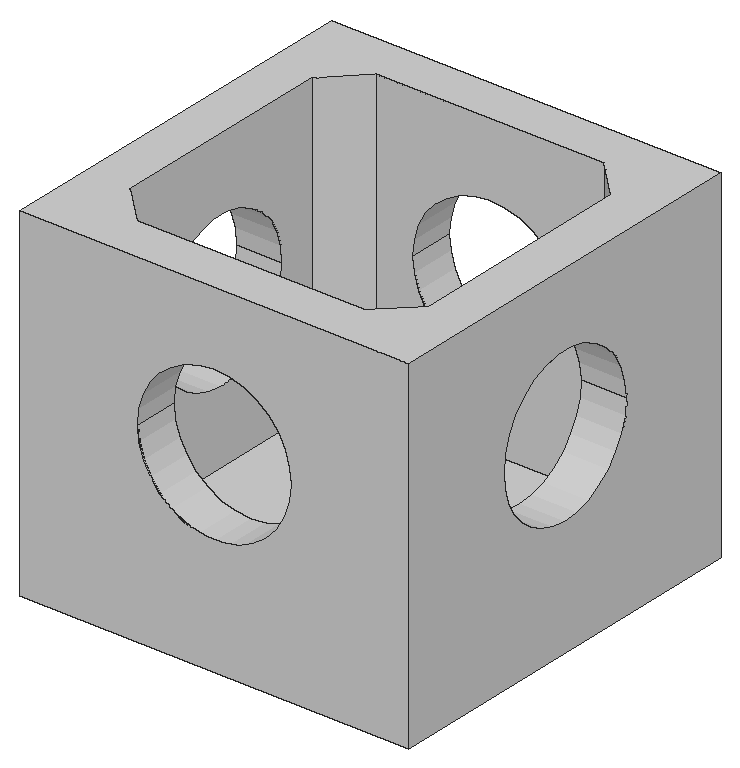
Revit family "Poco_Concreto_B", category Pipe Accessories, Revit 2025
Family settings
  Round Connector Dimension = Use Diameter
  Part Type = Normal
  Work Plane-Based = Yes
  Always vertical = Yes
  Cut with Voids When Loaded = No
  Shared = Yes
Parameters
  Norma = "NBR"
  Material_Conexao = Concreto Drenagem
  Description = "Módulo de concreto base de poço de drenagem"
  Default Elevation = 0.00 m
  Corpo_H = 1.00 m
  Corpo_E = 0.15 m
  Corpo_DN = 0.50 m
  Corpo_DIB = 1.00 m
  Corpo_DIA = 1.00 m
Reference planes (m)
  plane 1 "Center (Front/Back)": y = 0
  plane 2: z = 0
  plane 3 "Center (Left/Right)": x = 0
  plane 4: y = 0.5
  plane 5: y = -0.5
  plane 6: x = -0.5
  plane 7: x = 0.5
  plane 8: x = 0.65
  plane 9: x = -0.65
  plane 10: y = 0.65
  plane 11: y = -0.65
  plane 12: z = -1
  plane 13: z = -0.5
Forms (m)
  Extrusion 1, solid, material "Concreto Drenagem" <- "Material_Conexao"
    sketch origin (0, 0, 0) x (1, 0, 0) y (0, 1, 0)
      loop
        line (-0.65, 0.65) -> (-0.65, -0.65) -> (0.65, -0.65) -> (0.65, 0.65) -> (-0.65, 0.65)
      loop
        line (-0.38, 0.5) -> (-0.5, 0.38) -> (-0.5, -0.38) -> (-0.38, -0.5) -> (0.38, -0.5) -> (0.5, -0.38) -> (0.5, 0.38) -> (0.38, 0.5) -> (-0.38, 0.5)
    from 0 to -1
  Extrusion 2, solid, material "Concreto Drenagem" <- "Material_Conexao"
    sketch origin (0, 0, 0) x (1, 0, 0) y (0, 1, 0)
      loop
        line (-0.65, 0.65) -> (-0.65, -0.65) -> (0.65, -0.65) -> (0.65, 0.65) -> (-0.65, 0.65)
    from -1.15 to -1
  Sweep 3, void
    path origin (0, 0, 0) x (1, 0, 0) y (0, 1, 0)
      loop
        line (-0.65, 0) -> (0.65, 0)
    profile origin (0, 0, 0) x (0, 1, 0) y (0, 0, 1)
      loop
        circle (0, -0.5) r 0.256711
  Sweep 4, void
    path origin (0, 0, 0) x (0, 1, 0) y (-1, 0, 0)
      loop
        line (-0.65, 0) -> (0.65, 0)
    profile origin (0, 0, 0) x (-1, 0, 0) y (0, 0, 1)
      loop
        circle (0, -0.5) r 0.256711
Cuts and joins
  Sweep 3, Sweep 4 cuts Extrusion 1
  joined: Extrusion 1, Extrusion 2
Dimensions and locks (m)
  equal spacing: plane 6, plane 3 "Center (Left/Right)", plane 7
  equal spacing: plane 4, plane 1 "Center (Front/Back)", plane 5
  "Corpo_DIA": plane 6 to plane 7
  "Corpo_DIB": plane 4 to plane 5
  "Corpo_E": plane 7 to plane 8
  "Corpo_E": plane 9 to plane 6
  "Corpo_E": plane 10 to plane 4
  "Corpo_E": plane 5 to plane 11
  "Corpo_H": plane 2 to plane 12
  "Corpo_E": Extrusion 2 to Extrusion 2
  equal spacing: level, plane 13, plane 12
  diameter of Sweep 3 sketch curve = 0.513422 m
  diameter of Sweep 4 sketch curve = 0.513422 m
  aligned and locked: plane 2 to level
  aligned and locked: Extrusion 1 sketch curve to plane 10
  aligned and locked: plane 9 to Extrusion 1 sketch curve
  aligned and locked: plane 11 to Extrusion 1 sketch curve
  aligned and locked: Extrusion 1 sketch curve to plane 8
  aligned and locked: Extrusion 1 sketch curve to plane 4
  aligned and locked: plane 6 to Extrusion 1 sketch curve
  aligned and locked: plane 5 to Extrusion 1 sketch curve
  aligned and locked: Extrusion 1 sketch curve to plane 7
  aligned and locked: plane 12 to Extrusion 1
  aligned and locked: Extrusion 2 sketch curve to Extrusion 1  (x4)
  aligned and locked: Extrusion 2 to Extrusion 1
Automatic sketch dimensions
  plane 6 to Extrusion 1 sketch curve = 0.12 m  (x2)
  Extrusion 1 sketch curve to plane 7 = 0.12 m  (x2)
  plane 5 to Extrusion 1 sketch curve = 0.12 m  (x2)
  Extrusion 1 sketch curve to plane 4 = 0.12 m  (x2)
  plane 1 "Center (Front/Back)" to Sweep 3 sketch curve = 0.00 m
  Sweep 3 sketch curve to plane 9 = 0.00 m
  Sweep 3 sketch curve to plane 8 = 0.00 m
  Sweep 3 sketch curve to level = 0.50 m
  Sweep 3 sketch curve to profile plane = 0.00 m
  Sweep 4 sketch curve to plane 3 "Center (Left/Right)" = 0.00 m
  Sweep 4 sketch curve to plane 11 = 0.00 m
  Sweep 4 sketch curve to plane 10 = 0.00 m
  Sweep 4 sketch curve to level = 0.50 m
  Sweep 4 sketch curve to profile plane = 0.00 m
Connectors (m)
  piping at (0, -0.65, -0.5), diameter 0.5, driven by "Corpo_DN"
    settings: on cut or joined group of Extrusion 1, Extrusion 2, Sweep 3, Sweep 4, index 2, connector inside diameter 609.6 mm, connector length 0.00 m, flow factor 0, pipe flow 0.0 L/s, pressure drop 0.0 Pa, fitting loss kfactor 0, connector angle 0.00°, fixture units 0, engagement length 0.00 m, angle of deflection 0.00°, flow configuration 0, flow direction 0, fitting loss method 0, system type 7, joint type 0, gender type 0, connector reference index -1, connector utility 0, adjustable connector no, is connector primary yes, connector description ""
  piping at (0.65, 0, -0.5), diameter 0.5
    settings: on cut or joined group of Extrusion 1, Extrusion 2, Sweep 3, Sweep 4, index 3, connector inside diameter 609.6 mm, connector length 0.00 m, flow factor 0, pipe flow 0.0 L/s, pressure drop 0.0 Pa, fitting loss kfactor 0, connector angle 0.00°, fixture units 0, engagement length 0.00 m, angle of deflection 0.00°, flow configuration 0, flow direction 0, fitting loss method 0, system type 7, joint type 0, gender type 0, connector reference index -1, connector utility 0, adjustable connector no, is connector primary no, connector description ""
  piping at (-0.65, 0, -0.5), diameter 0.5, driven by "Corpo_DN"
    settings: on cut or joined group of Extrusion 1, Extrusion 2, Sweep 3, Sweep 4, index 4, connector inside diameter 609.6 mm, connector length 0.00 m, flow factor 0, pipe flow 0.0 L/s, pressure drop 0.0 Pa, fitting loss kfactor 0, connector angle 0.00°, fixture units 0, engagement length 0.00 m, angle of deflection 0.00°, flow configuration 0, flow direction 0, fitting loss method 0, system type 7, joint type 0, gender type 0, connector reference index -1, connector utility 0, adjustable connector no, is connector primary no, connector description ""
  piping at (0, 0.65, -0.5), diameter 0.5, driven by "Corpo_DN"
    settings: on cut or joined group of Extrusion 1, Extrusion 2, Sweep 3, Sweep 4, index 5, connector inside diameter 609.6 mm, connector length 0.00 m, flow factor 0, pipe flow 0.0 L/s, pressure drop 0.0 Pa, fitting loss kfactor 0, connector angle 0.00°, fixture units 0, engagement length 0.00 m, angle of deflection 0.00°, flow configuration 0, flow direction 0, fitting loss method 0, system type 7, joint type 0, gender type 0, connector reference index -1, connector utility 0, adjustable connector no, is connector primary no, connector description ""
